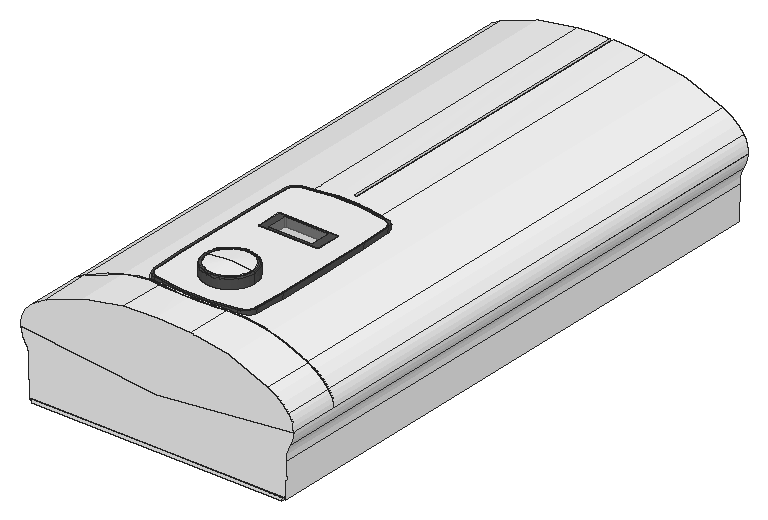
Revit family "DHB-E LCD (mm)", category Electrical Equipment, Revit 2018
Family settings
  Round Connector Dimension = Use Diameter
  Part Type = Other Panel
  OmniClass Number = 23.31.29.11.11
  OmniClass Title = Electric Instantaneous Hot Water Heaters
  Work Plane-Based = Yes
  Always vertical = No
  Cut with Voids When Loaded = No
  Shared = No
  Room Calculation Point = No
Parameters (values of type "Type - (DHB-E LCD 236746) Power - (27 kW)")
  nominal capacity = "0.4l"  # constant formula
  Youtube clip = ""
  Width = 225 mm
  Weight Net (Kg) = ""
  Weight = "2.90 kg"
  Water connection = "G 1/2"  # constant formula
  Uniformat II Description = ""
  Uniformat II Code = ""
  Uniclass 2015 Name = ""
  Uniclass 2015 Code = ""
  Uniclass 2.0 Description = ""
  Uniclass 2.0 Code = ""
  Uniclass 1.4 Description = ""
  Uniclass 1.4 Code = ""
  URL = "https://www.stiebel-eltron.de/de/home.html"
  UNSPSC Code = ""
  Type of scheme = "electronic"  # constant formula
  Temperature selection = "Off, 20–60 °C"
  Technical description = ""
  Switch-on quantity = "2,5"
  Region South America = ""
  Region Oceania = ""
  Region North America = ""
  Region Middle East = ""
  Region Europe = ""
  Region Asia = ""
  Region Antarctica = ""
  Region Africa = ""
  Rated output = "27 kW"
  Rated current = "39 A"
  QR code = "https://bimobject.com/stiebel-eltron-gmbh/product/dhb-e_lcd"
  Product url = ""
  Product name = "DHB-E LCD"
  Product group = ""
  Product family = ""
  Product data url = "https://bimobject.com/stiebel-eltron-gmbh/product/dhb-e_lcd"
  Product certification = ""
  Product SKU = "dhb-e_lcd"
  Product Guid = "c928bee9-0f29-4ce3-82ac-4540df086e6a"  # constant formula
  Pipe outside diameter of warm drinking water = 21.5 mm  # constant formula
  Pipe outside diameter cold drinking water = 21.5 mm  # constant formula
  Pipe Diameter [instance] = 12.7 mm
  OmniClass Description = ""
  OmniClass Code = ""
  Number of Poles [instance] = 3
  Nominal overpressure = "1 MPa (10)"  # constant formula
  Nominal Volatge [instance] = 400 V
  NBS Reference Description = ""
  NBS Reference Code = ""
  built-in parameter 1140081 [instance] = "Wall"
  Model = "DHB-E 27 LCD"
  Material secondary = ""
  Material main = ""
  Material Transparent Plastic = Stiebel Eltron - Plastic - Transparent Grey
  Material Cover = Stiebel Eltron - Plastic - White
  Material Black Plastic = Stiebel Eltron - Plastic - Black
  Masterformat 2014 Description = ""
  Masterformat 2014 Code = ""
  Manufacturer name = "Stiebel Eltron GmbH"
  Manufacturer country = ""
  Manufacturer = "Stiebel Eltron Gesellschaft m.b.H."  # constant formula
  Installation instructions = ""
  IP rating = "IP 25"
  IFC Classification = ""
  Height = 466 mm
  Heating system = "Bare wire"
  Fuse protection = "40 A"
  Frequency = "50/- Hz"
  Energy efficiency class = "A"
  Electrical connection = "3/P"
  Edition number = 1
  EAN code = ""
  Design country = ""
  Depth = 116 mm
  Default Elevation = 1219.2 mm
  Date of publishing = ""
  Construction = "pressure"  # constant formula
  Color = "White"
  COBIe Type Category = ""
  Brand url = ""
  BIMobject category = ""
  Apperant Load Phase 3 [instance] = 0 VA
  Apperant Load Phase 2 [instance] = 0 VA
  Apperant Load Phase 1 [instance] = 0 VA
Types (5, lengths in mm): name | Weight | Rated output | Rated current | Model | Fuse protection | Frequency
  (no name) | "2.90 kg" | "27 kW" | "39 A" | "DHB-E 27 LCD" | "40 A" | "50/- Hz"
  Type - (DHB-E LCD 236745) Power - (18/21/24 kW) | "2,90 kg" | "18/21/24 kW" | "29/31/35 A" | "DHB-E 18/21/24 LCD" | "32/32/35 A " | "50/60 Hz"
  Type - (DHB-E LCD 236746) Power - (27 kW) | "2.90 kg" | "27 kW" | "39 A" | "DHB-E 27 LCD" | "40 A" | "50/- Hz"
  Type - (DHB-E LCD 236743) Power -  (11/13.5 kW) | "2.80 kg" | "11/13.5 kW" | "17.5/19.5 A" | "DHB-E 11/13 LCD" | "20 A" | "50/60 Hz"
  Type - (DHB-E LCD 236744) Power -  (18 kW) | "2.90 kg" | "18 kW" | "26 A" | "DHB-E 18 LCD 25A" | "25 A" | "50/60 Hz"
Reference planes
  plane 1 "Center (Front/Back)": y = 0
  plane 2: z = 0
  plane 3 "Center (Left/Right)": x = 0
  plane 4: y = 233
  plane 5: y = -233
  plane 6: x = -112.5
  plane 7: x = 112.5
  plane 8: z = 116
Forms (mm)
  Extrusion 1, solid, material "Stiebel Eltron - Plastic - White" <- "Material Cover", detail levels medium+fine
    sketch origin (-0.037, 503, -5.789) x (1, 0, 0) y (0, 0, 1)
      loop
        arc (-27.884, 102.872) -> (-60.292, 97.118) -> (-91.156, 85.684) r 183.835
        arc (-91.156, 85.684) -> (-100.407, 79.769) -> (-107.918, 71.76) r 44.265
        arc (-107.918, 71.76) -> (-110.953, 65.768) -> (-111.949, 59.126) r 21.07
        arc (-111.949, 59.126) -> (0.037, 47.453) -> (112.023, 59.126) r 543.009
        arc (112.023, 59.126) -> (111.028, 65.768) -> (107.993, 71.76) r 21.07
        arc (107.993, 71.76) -> (100.481, 79.769) -> (91.23, 85.684) r 44.265
        arc (91.23, 85.684) -> (60.416, 97.105) -> (28.06, 102.857) r 183.835
        spline (28.06, 102.857) -> (23.447, 103.223) -> (18.807, 103.523) -> (14.146, 103.757) -> (9.47, 103.924) -> (4.782, 104.026) -> (0.09, 104.06) -> (-4.603, 104.028) -> (-9.291, 103.93) -> (-13.968, 103.764) -> (-18.629, 103.533) -> (-23.27, 103.235) -> (-27.884, 102.872)
    from 270 to 736
  Extrusion 2, void
    sketch origin (0, 0, 0) x (1, 0, 0) y (0, 1, 0)
      loop
        line (1.44, -28.316) -> (1.44, 234.096) -> (-1.44, 234.096) -> (-1.44, -28.316)
        arc (-1.44, -28.316) -> (0, -29.756) -> (1.44, -28.316) r 1.44
    from 96.851 to 99.887
  Extrusion 3, void
    sketch origin (0, 0, 0) x (1, 0, 0) y (0, 1, 0)
      loop
        line (-112.805, -191.977) -> (-112.805, -192.777) -> (-54.668, -192.777)
        arc (-54.668, -192.777) -> (-47.241, -193.036) -> (-39.85, -193.811) r 106.717
        arc (-39.85, -193.811) -> (-31.875, -195.598) -> (-23.883, -197.31) r 868.709
        arc (-23.883, -197.31) -> (0, -199.551) -> (23.883, -197.31) r 128.409
        arc (23.883, -197.31) -> (31.875, -195.598) -> (39.85, -193.811) r 868.709
        arc (39.85, -193.811) -> (47.241, -193.036) -> (54.668, -192.777) r 106.717
        line (54.668, -192.777) -> (112.805, -192.777) -> (112.805, -191.977) -> (54.668, -191.977)
        arc (54.668, -191.977) -> (47.168, -192.239) -> (39.705, -193.024) r 107.517
        arc (39.705, -193.024) -> (31.724, -194.812) -> (23.727, -196.526) r 867.909
        arc (23.727, -196.526) -> (0, -198.751) -> (-23.727, -196.526) r 127.609
        arc (-23.727, -196.526) -> (-31.724, -194.812) -> (-39.705, -193.024) r 867.909
        arc (-39.705, -193.024) -> (-47.168, -192.239) -> (-54.668, -191.977) r 107.517
        line (-54.668, -191.977) -> (-112.805, -191.977)
    from 53.337 to 102.249
  Extrusion 4, void
    sketch origin (0, 0, 0) x (1, 0, 0) y (0, 1, 0)
      loop
        arc (-35.112, -39.418) -> (-40.746, -42.947) -> (-43.244, -49.108) r 10.795
        arc (-43.244, -49.108) -> (-43.591, -61.962) -> (-44.141, -74.809) r 817.916
        arc (-44.141, -74.809) -> (-44.701, -116.187) -> (-44.141, -157.565) r 1528.146
        arc (-44.141, -157.565) -> (-43.591, -170.412) -> (-43.244, -183.266) r 817.916
        arc (-43.244, -183.266) -> (-40.746, -189.427) -> (-35.112, -192.956) r 10.795
        arc (-35.112, -192.956) -> (-0.561, -197.294) -> (34.017, -193.172) r 143.339
        arc (34.017, -193.172) -> (40.376, -189.845) -> (43.244, -183.266) r 10.795
        arc (43.244, -183.266) -> (43.591, -170.412) -> (44.141, -157.565) r 817.916
        arc (44.141, -157.565) -> (44.701, -116.187) -> (44.141, -74.809) r 1528.146
        arc (44.141, -74.809) -> (43.591, -61.962) -> (43.244, -49.108) r 817.916
        arc (43.244, -49.108) -> (40.376, -42.529) -> (34.017, -39.201) r 10.795
        arc (34.017, -39.201) -> (-0.561, -35.08) -> (-35.112, -39.418) r 143.339
    from 91.297 to 100.694
  Revolve 5, solid, material "Stiebel Eltron - Plastic - White" <- "Material Cover", detail levels medium+fine
    sketch origin (0, -158.469, -1.562) x (1, 0, 0) y (0, 0, 1)
      loop
        arc (0, 109.687) -> (-9.066, 109.281) -> (-18.06, 108.067) r 101.523
        line (-18.06, 108.067) -> (-18.06, 98.712) -> (0, 98.712) -> (0, 109.687)
      axis (0, 109.687) -> (0, 98.712)
    angle from 0 to 360
  Revolve 6, solid, material "Stiebel Eltron - Plastic - Black" <- "Material Black Plastic", detail levels medium+fine
    sketch origin (0, -158.469, -1.562) x (1, 0, 0) y (0, 0, 1)
      loop
        line (-18.06, 98.712) -> (-18.06, 108.067) -> (-19.693, 107.72)
        arc (-19.693, 107.72) -> (-20.138, 107.444) -> (-20.321, 106.953) r 0.808
        line (-20.321, 106.953) -> (-20.533, 98.712) -> (-18.06, 98.712)
      axis (0, 108.067) -> (0, 98.712)
    angle from 0 to 360
  Extrusion 7, solid, material "Stiebel Eltron - Plastic - Transparent Grey" <- "Material Transparent Plastic", detail levels medium+fine
    sketch origin (0, 0, 0) x (1, 0, 0) y (0, 1, 0)
      loop
        line (16.374, -78.623) -> (-17.629, -78.623)
        arc (-17.629, -78.623) -> (-18.294, -78.898) -> (-18.57, -79.564) r 0.941
        line (-18.57, -79.564) -> (-18.57, -94.823)
        arc (-18.57, -94.823) -> (-18.294, -95.489) -> (-17.629, -95.765) r 0.941
        line (-17.629, -95.765) -> (16.374, -95.765)
        arc (16.374, -95.765) -> (17.039, -95.489) -> (17.315, -94.823) r 0.941
        line (17.315, -94.823) -> (17.315, -79.564)
        arc (17.315, -79.564) -> (17.039, -78.898) -> (16.374, -78.623) r 0.941
    from 89.064 to 98.244
  Extrusion 8, solid, material "Stiebel Eltron - Plastic - White" <- "Material Cover"
    sketch origin (0, 0, 0) x (1, 0, 0) y (0, 0, 1)
      loop
        line (-102.395, 0) -> (0.126, 0) -> (102.395, 0) -> (103.539, 2.569) -> (0, 2.569) -> (-103.539, 2.569) -> (-102.395, 0)
    from -233 to 233
  Extrusion 9, solid, material "Stiebel Eltron - Plastic - Black" <- "Material Black Plastic", detail levels medium+fine
    sketch origin (0, 0, 0) x (1, 0, 0) y (0, 1, 0)
      loop
        arc (-23.973, -76.573) -> (-24.673, -76.863) -> (-24.963, -77.564) r 0.991
        line (-24.963, -77.564) -> (-24.963, -96.873)
        arc (-24.963, -96.873) -> (-24.673, -97.574) -> (-23.973, -97.864) r 0.991
        line (-23.973, -97.864) -> (22.77, -97.864)
        arc (22.77, -97.864) -> (23.471, -97.574) -> (23.761, -96.873) r 0.991
        line (23.761, -96.873) -> (23.761, -77.564)
        arc (23.761, -77.564) -> (23.471, -76.863) -> (22.77, -76.573) r 0.991
        line (22.77, -76.573) -> (-23.973, -76.573)
      loop
        arc (16.374, -95.765) -> (17.039, -95.489) -> (17.315, -94.823) r 0.941
        line (17.315, -94.823) -> (17.315, -79.564)
        arc (17.315, -79.564) -> (17.039, -78.898) -> (16.374, -78.623) r 0.941
        line (16.374, -78.623) -> (-17.629, -78.623)
        arc (-17.629, -78.623) -> (-18.294, -78.898) -> (-18.57, -79.564) r 0.941
        line (-18.57, -79.564) -> (-18.57, -94.823)
        arc (-18.57, -94.823) -> (-18.294, -95.489) -> (-17.629, -95.765) r 0.941
        line (-17.629, -95.765) -> (16.374, -95.765)
    from 89.064 to 98.244
  Extrusion 10, solid, material "Stiebel Eltron - Plastic - White" <- "Material Cover", detail levels medium+fine
    sketch origin (-0.072, 0, 0) x (1, 0, 0) y (0, 1, 0)
      loop
        arc (-34.502, -41.842) -> (-38.811, -44.53) -> (-40.745, -49.227) r 8.295
        arc (-40.745, -49.227) -> (-41.093, -62.07) -> (-41.643, -74.906) r 820.416
        arc (-41.643, -74.906) -> (-42.201, -116.187) -> (-41.643, -157.468) r 1525.646
        arc (-41.643, -157.468) -> (-41.093, -170.304) -> (-40.745, -183.147) r 820.416
        arc (-40.745, -183.147) -> (-38.811, -187.843) -> (-34.502, -190.532) r 8.295
        arc (-34.502, -190.532) -> (-0.488, -194.794) -> (33.547, -190.714) r 140.839
        arc (33.547, -190.714) -> (38.486, -188.205) -> (40.745, -183.147) r 8.295
        arc (40.745, -183.147) -> (41.093, -170.304) -> (41.643, -157.468) r 820.416
        arc (41.643, -157.468) -> (42.201, -116.187) -> (41.643, -74.906) r 1525.646
        arc (41.643, -74.906) -> (41.093, -62.07) -> (40.745, -49.227) r 820.416
        arc (40.745, -49.227) -> (38.486, -44.169) -> (33.547, -41.66) r 8.295
        arc (33.547, -41.66) -> (-0.488, -37.579) -> (-34.502, -41.842) r 140.839
      loop
        line (22.843, -76.573) -> (-23.9, -76.573)
        arc (-23.9, -76.573) -> (-24.601, -76.863) -> (-24.891, -77.564) r 0.991
        line (-24.891, -77.564) -> (-24.891, -96.873)
        arc (-24.891, -96.873) -> (-24.601, -97.573) -> (-23.9, -97.864) r 0.991
        line (-23.9, -97.864) -> (22.843, -97.864)
        arc (22.843, -97.864) -> (23.543, -97.573) -> (23.833, -96.873) r 0.991
        line (23.833, -96.873) -> (23.833, -77.564)
        arc (23.833, -77.564) -> (23.543, -76.863) -> (22.843, -76.573) r 0.991
    from 75.141 to 98.244
  Extrusion 11, solid, material "Stiebel Eltron - Plastic - Black" <- "Material Black Plastic", detail levels medium+fine
    sketch origin (0, 0, 0) x (1, 0, 0) y (0, 1, 0)
      loop
        arc (33.475, -41.661) -> (-0.561, -37.58) -> (-34.574, -41.842) r 140.839
        arc (-34.574, -41.842) -> (-38.883, -44.531) -> (-40.818, -49.227) r 8.295
        arc (-40.818, -49.227) -> (-41.166, -62.07) -> (-41.715, -74.906) r 820.416
        arc (-41.715, -74.906) -> (-42.274, -116.187) -> (-41.715, -157.468) r 1525.646
        arc (-41.715, -157.468) -> (-41.166, -170.304) -> (-40.818, -183.148) r 820.416
        arc (-40.818, -183.148) -> (-38.883, -187.844) -> (-34.574, -190.532) r 8.295
        arc (-34.574, -190.532) -> (-0.561, -194.795) -> (33.475, -190.714) r 140.839
        arc (33.475, -190.714) -> (38.414, -188.205) -> (40.673, -183.148) r 8.295
        arc (40.673, -183.148) -> (41.021, -170.304) -> (41.57, -157.468) r 820.416
        arc (41.57, -157.468) -> (42.129, -116.187) -> (41.57, -74.906) r 1525.646
        arc (41.57, -74.906) -> (41.021, -62.07) -> (40.673, -49.227) r 820.416
        arc (40.673, -49.227) -> (38.414, -44.169) -> (33.475, -41.661) r 8.295
      loop
        arc (-42.317, -49.154) -> (-42.664, -62.005) -> (-43.214, -74.848) r 818.916
        arc (-43.214, -74.848) -> (-43.774, -116.187) -> (-43.214, -157.526) r 1527.146
        arc (-43.214, -157.526) -> (-42.664, -170.369) -> (-42.317, -183.22) r 818.916
        arc (-42.317, -183.22) -> (-40.044, -188.794) -> (-34.941, -191.987) r 9.795
        arc (-34.941, -191.987) -> (-0.605, -196.294) -> (33.755, -192.19) r 142.339
        arc (33.755, -192.19) -> (39.547, -189.191) -> (42.172, -183.22) r 9.795
        arc (42.172, -183.22) -> (42.52, -170.369) -> (43.069, -157.526) r 818.916
        arc (43.069, -157.526) -> (43.629, -116.187) -> (43.069, -74.848) r 1527.146
        arc (43.069, -74.848) -> (42.52, -62.005) -> (42.172, -49.154) r 818.916
        arc (42.172, -49.154) -> (39.547, -43.184) -> (33.755, -40.185) r 9.795
        arc (33.755, -40.185) -> (-0.605, -36.08) -> (-34.941, -40.388) r 142.339
        arc (-34.941, -40.388) -> (-40.044, -43.58) -> (-42.317, -49.154) r 9.795
    from 75.141 to 98.244
  Extrusion 12, solid, material "Stiebel Eltron - Plastic - White" <- "Material Cover", detail levels coarse
    sketch origin (-0.037, 503, -5.789) x (1, 0, 0) y (0, 0, 1)
      loop
        arc (-27.884, 102.872) -> (-60.292, 97.118) -> (-91.156, 85.684) r 183.835
        arc (-91.156, 85.684) -> (-100.407, 79.769) -> (-107.918, 71.76) r 44.265
        arc (-107.918, 71.76) -> (-110.953, 65.768) -> (-111.949, 59.126) r 21.07
        arc (-111.949, 59.126) -> (0.037, 47.453) -> (112.023, 59.126) r 543.009
        arc (112.023, 59.126) -> (111.028, 65.768) -> (107.993, 71.76) r 21.07
        arc (107.993, 71.76) -> (100.481, 79.769) -> (91.23, 85.684) r 44.265
        arc (91.23, 85.684) -> (60.416, 97.105) -> (28.06, 102.857) r 183.835
        spline (28.06, 102.857) -> (23.447, 103.223) -> (18.807, 103.523) -> (14.146, 103.757) -> (9.47, 103.924) -> (4.782, 104.026) -> (0.09, 104.06) -> (-4.603, 104.028) -> (-9.291, 103.93) -> (-13.968, 103.764) -> (-18.629, 103.533) -> (-23.27, 103.235) -> (-27.884, 102.872)
    from 270 to 736
  Extrusion 13, solid, not visible
    sketch origin (0, -57.5, 0) x (1, 0, 0) y (0, 0, 1)
      loop
        circle (-65.913, 34.823) r 6.35
      loop
        circle (65.913, 34.823) r 6.35
    from 133.844 to 158.982
  Extrusion 14, solid, material "Stiebel Eltron - Plastic - White" <- "Material Cover", detail levels medium+fine
    sketch origin (0, 0, 0) x (1, 0, 0) y (0, 0, 1)
      loop
        line (104.963, 1.269) -> (105.461, 29.788)
        arc (105.461, 29.788) -> (106.343, 36.444) -> (108.928, 42.64) r 25.555
        arc (108.928, 42.64) -> (111.176, 47.783) -> (111.986, 53.337) r 21.07
        arc (111.986, 53.337) -> (0, 41.664) -> (-111.986, 53.337) r 543.009
        arc (-111.986, 53.337) -> (-111.176, 47.783) -> (-108.928, 42.64) r 21.07
        arc (-108.928, 42.64) -> (-106.343, 36.444) -> (-105.461, 29.788) r 25.555
        line (-105.461, 29.788) -> (-104.963, 1.269) -> (104.963, 1.269)
    from -232 to 232
  Extrusion 15, solid, material "Stiebel Eltron - Plastic - White" <- "Material Cover", detail levels coarse
    sketch origin (0, 0, 0) x (1, 0, 0) y (0, 0, 1)
      loop
        line (104.963, 1.269) -> (105.461, 29.788)
        arc (105.461, 29.788) -> (106.343, 36.444) -> (108.928, 42.64) r 25.555
        arc (108.928, 42.64) -> (111.176, 47.783) -> (111.986, 53.337) r 21.07
        arc (111.986, 53.337) -> (0, 41.664) -> (-111.986, 53.337) r 543.009
        arc (-111.986, 53.337) -> (-111.176, 47.783) -> (-108.928, 42.64) r 21.07
        arc (-108.928, 42.64) -> (-106.343, 36.444) -> (-105.461, 29.788) r 25.555
        line (-105.461, 29.788) -> (-104.963, 1.269) -> (104.963, 1.269)
    from -232 to 232
Cuts and joins
  Extrusion 2, Extrusion 3, Extrusion 4 cuts Extrusion 1
  joined: Extrusion 1, Extrusion 14
  joined: Extrusion 12, Extrusion 15
Lines and regions (mm)
  Masking region 1
    outline origin (0, 0, 0) x (1, 0, 0) y (0, 0, 1)
      loop
        arc (-107.955, 65.971) -> (-111.969, 54.453) -> (-108.928, 42.64) r 21.07
        arc (-108.928, 42.64) -> (-106.343, 36.444) -> (-105.461, 29.788) r 25.555
        line (-105.461, 29.788) -> (-104.963, 1.269) -> (-102.96, 1.269) -> (-102.395, 0) -> (-0.126, 0) -> (102.395, 0) -> (102.96, 1.269) -> (104.963, 1.269) -> (105.461, 29.788)
        arc (105.461, 29.788) -> (106.343, 36.444) -> (108.928, 42.64) r 25.555
        arc (108.928, 42.64) -> (111.969, 54.453) -> (107.955, 65.971) r 21.07
        arc (107.955, 65.971) -> (100.444, 73.98) -> (91.193, 79.894) r 44.265
        arc (91.193, 79.894) -> (60.378, 91.315) -> (28.023, 97.068) r 183.835
        spline (28.023, 97.068) -> (23.41, 97.433) -> (18.77, 97.733) -> (14.109, 97.967) -> (9.433, 98.135) -> (4.745, 98.236) -> (0.053, 98.271) -> (-4.64, 98.239) -> (-9.328, 98.14) -> (-14.005, 97.975) -> (-18.666, 97.744) -> (-23.307, 97.446) -> (-27.921, 97.083)
        arc (-27.921, 97.083) -> (-60.329, 91.329) -> (-91.193, 79.894) r 183.835
        arc (-91.193, 79.894) -> (-100.444, 73.98) -> (-107.955, 65.971) r 44.265
  Masking region 2, detail levels medium+fine
    outline origin (0, 0, 0) x (1, 0, 0) y (0, 0, 1)
      loop
        arc (-20.524, 97.393) -> (0, 98.271) -> (20.524, 97.393) r 240.34
        line (20.524, 97.393) -> (20.308, 105.357)
        arc (20.308, 105.357) -> (20.149, 105.871) -> (19.693, 106.158) r 0.776
        arc (19.693, 106.158) -> (0, 108.205) -> (-19.693, 106.158) r 95.759
        arc (-19.693, 106.158) -> (-20.131, 105.857) -> (-20.308, 105.357) r 0.859
        line (-20.308, 105.357) -> (-20.524, 97.393)
  Masking region 3
    outline origin (0, 0, 0) x (1, 0, 0) y (0, 1, 0)
      loop
        line (112.5, 233) -> (-112.5, 233) -> (-112.5, -233) -> (112.5, -233) -> (112.5, 233)
  symbolic lines, detail levels medium+fine
    curve 1: line (-111.987, -192.777, 0) -> (-54.668, -192.777, 0)
    curve 2: arc (-54.668, -192.777, 0) -> (-47.241, -193.036, 0) -> (-39.85, -193.811, 0) r 106.717
    curve 3: line (-54.668, -191.977, 0) -> (-111.987, -191.977, 0)
    curve 4: arc (-39.705, -193.024, 0) -> (-47.168, -192.239, 0) -> (-54.668, -191.977, 0) r 107.517
    curve 5: arc (-39.85, -193.811, 0) -> (-31.875, -195.598, 0) -> (-23.883, -197.31, 0) r 868.709
    curve 6: arc (-23.727, -196.526, 0) -> (-31.724, -194.812, 0) -> (-39.705, -193.024, 0) r 867.909
    curve 7: arc (23.727, -196.526, 0) -> (0, -198.751, 0) -> (-23.727, -196.526, 0) r 127.609
    curve 8: arc (-23.883, -197.31, 0) -> (0, -199.551, 0) -> (23.883, -197.31, 0) r 128.409
    curve 9: arc (23.883, -197.31, 0) -> (31.875, -195.598, 0) -> (39.85, -193.811, 0) r 868.709
    curve 10: arc (39.705, -193.024, 0) -> (31.724, -194.812, 0) -> (23.727, -196.526, 0) r 867.909
    curve 11: arc (39.85, -193.811, 0) -> (47.241, -193.036, 0) -> (54.668, -192.777, 0) r 106.717
    curve 12: arc (54.668, -191.977, 0) -> (47.168, -192.239, 0) -> (39.705, -193.024, 0) r 107.517
    curve 13: line (111.987, -191.977, 0) -> (54.668, -191.977, 0)
    curve 14: line (54.668, -192.777, 0) -> (111.987, -192.777, 0)
    curve 15: arc (34.017, -39.201, 0) -> (-0.561, -35.08, 0) -> (-35.112, -39.418, 0) r 143.339
    curve 16: arc (-35.112, -39.418, 0) -> (-40.746, -42.947, 0) -> (-43.244, -49.108, 0) r 10.795
    curve 17: arc (-43.244, -49.108, 0) -> (-43.591, -61.962, 0) -> (-44.141, -74.809, 0) r 817.916
    curve 18: arc (-44.141, -74.809, 0) -> (-44.701, -116.187, 0) -> (-44.141, -157.565, 0) r 1528.146
    curve 19: arc (-44.141, -157.565, 0) -> (-43.591, -170.412, 0) -> (-43.244, -183.266, 0) r 817.916
    curve 20: arc (-43.244, -183.266, 0) -> (-40.746, -189.427, 0) -> (-35.112, -192.956, 0) r 10.795
    curve 21: arc (-35.112, -192.956, 0) -> (-0.561, -197.294, 0) -> (34.017, -193.172, 0) r 143.339
    curve 22: arc (34.017, -193.172, 0) -> (40.376, -189.845, 0) -> (43.244, -183.266, 0) r 10.795
    curve 23: arc (43.244, -183.266, 0) -> (43.591, -170.412, 0) -> (44.141, -157.565, 0) r 817.916
    curve 24: arc (44.141, -157.565, 0) -> (44.701, -116.187, 0) -> (44.141, -74.809, 0) r 1528.146
    curve 25: arc (44.141, -74.809, 0) -> (43.591, -61.962, 0) -> (43.244, -49.108, 0) r 817.916
    curve 26: arc (43.244, -49.108, 0) -> (40.376, -42.529, 0) -> (34.017, -39.201, 0) r 10.795
    curve 27: arc (42.172, -49.154, 0) -> (39.547, -43.184, 0) -> (33.755, -40.185, 0) r 9.795
    curve 28: arc (33.755, -40.185, 0) -> (-0.605, -36.08, 0) -> (-34.941, -40.388, 0) r 142.339
    curve 29: arc (-34.941, -40.388, 0) -> (-40.044, -43.58, 0) -> (-42.317, -49.154, 0) r 9.795
    curve 30: arc (-42.317, -49.154, 0) -> (-42.664, -62.005, 0) -> (-43.214, -74.848, 0) r 818.916
    curve 31: arc (-43.214, -74.848, 0) -> (-43.774, -116.187, 0) -> (-43.214, -157.526, 0) r 1527.146
    curve 32: arc (-43.214, -157.526, 0) -> (-42.664, -170.369, 0) -> (-42.317, -183.22, 0) r 818.916
    curve 33: arc (-42.317, -183.22, 0) -> (-40.044, -188.794, 0) -> (-34.941, -191.987, 0) r 9.795
    curve 34: arc (-34.941, -191.987, 0) -> (-0.605, -196.294, 0) -> (33.755, -192.19, 0) r 142.339
    curve 35: arc (33.755, -192.19, 0) -> (39.547, -189.191, 0) -> (42.172, -183.22, 0) r 9.795
    curve 36: arc (42.172, -183.22, 0) -> (42.52, -170.369, 0) -> (43.069, -157.526, 0) r 818.916
    curve 37: arc (43.069, -157.526, 0) -> (43.629, -116.187, 0) -> (43.069, -74.848, 0) r 1527.146
    curve 38: arc (43.069, -74.848, 0) -> (42.52, -62.005, 0) -> (42.172, -49.154, 0) r 818.916
    curve 39: arc (33.475, -41.661, 0) -> (38.414, -44.169, 0) -> (40.673, -49.227, 0) r 8.295
    curve 40: arc (-34.574, -41.842, 0) -> (-0.561, -37.58, 0) -> (33.475, -41.661, 0) r 140.839
    curve 41: arc (40.673, -49.227, 0) -> (41.021, -62.07, 0) -> (41.57, -74.906, 0) r 820.416
    curve 42: arc (-40.818, -49.227, 0) -> (-38.883, -44.531, 0) -> (-34.574, -41.842, 0) r 8.295
    curve 43: arc (-41.715, -74.906, 0) -> (-41.166, -62.07, 0) -> (-40.818, -49.227, 0) r 820.416
    curve 44: arc (-41.715, -157.468, 0) -> (-42.274, -116.187, 0) -> (-41.715, -74.906, 0) r 1525.646
    curve 45: arc (-40.818, -183.148, 0) -> (-41.166, -170.304, 0) -> (-41.715, -157.468, 0) r 820.416
    curve 46: arc (-34.574, -190.532, 0) -> (-38.883, -187.844, 0) -> (-40.818, -183.148, 0) r 8.295
    curve 47: arc (33.475, -190.714, 0) -> (-0.561, -194.795, 0) -> (-34.574, -190.532, 0) r 140.839
    curve 48: arc (40.673, -183.148, 0) -> (38.414, -188.205, 0) -> (33.475, -190.714, 0) r 8.295
    curve 49: arc (41.57, -157.468, 0) -> (41.021, -170.304, 0) -> (40.673, -183.148, 0) r 820.416
    curve 50: arc (41.57, -74.906, 0) -> (42.129, -116.187, 0) -> (41.57, -157.468, 0) r 1525.646
    curve 51: arc (-20.533, -158.469, 0) -> (0, -137.936, 0) -> (20.533, -158.469, 0) r 20.533
    curve 52: arc (19.693, -158.469, 0) -> (0, -138.776, 0) -> (-19.693, -158.469, 0) r 19.693
    curve 53: arc (-18.06, -158.469, 0) -> (0, -140.409, 0) -> (18.06, -158.469, 0) r 18.06
    curve 54: arc (18.06, -158.469, 0) -> (0, -176.528, 0) -> (-18.06, -158.469, 0) r 18.06
    curve 55: arc (-19.693, -158.469, 0) -> (0, -178.162, 0) -> (19.693, -158.469, 0) r 19.693
    curve 56: arc (20.533, -158.469, 0) -> (0, -179.002, 0) -> (-20.533, -158.469, 0) r 20.533
    curve 57: line (-24.963, -96.873, 0) -> (-24.963, -77.564, 0)
    curve 58: line (-23.973, -76.573, 0) -> (22.77, -76.573, 0)
    curve 59: arc (-24.963, -77.564, 0) -> (-24.673, -76.863, 0) -> (-23.973, -76.573, 0) r 0.991
    curve 60: arc (-23.973, -97.864, 0) -> (-24.673, -97.574, 0) -> (-24.963, -96.873, 0) r 0.991
    curve 61: line (22.77, -97.864, 0) -> (-23.973, -97.864, 0)
    curve 62: arc (23.761, -96.873, 0) -> (23.471, -97.574, 0) -> (22.77, -97.864, 0) r 0.991
    curve 63: line (23.761, -77.564, 0) -> (23.761, -96.873, 0)
    curve 64: arc (22.77, -76.573, 0) -> (23.471, -76.863, 0) -> (23.761, -77.564, 0) r 0.991
    curve 65: line (-17.629, -78.623, 0) -> (16.374, -78.623, 0)
    curve 66: arc (16.374, -78.623, 0) -> (17.039, -78.898, 0) -> (17.315, -79.564, 0) r 0.941
    curve 67: line (17.315, -79.564, 0) -> (17.315, -94.823, 0)
    curve 68: arc (17.315, -94.823, 0) -> (17.039, -95.489, 0) -> (16.374, -95.765, 0) r 0.941
    curve 69: line (16.374, -95.765, 0) -> (-17.629, -95.765, 0)
    curve 70: arc (-17.629, -95.765, 0) -> (-18.294, -95.489, 0) -> (-18.57, -94.823, 0) r 0.941
    curve 71: line (-18.57, -94.823, 0) -> (-18.57, -79.564, 0)
Dimensions and locks
  plane 4 to plane 1 "Center (Front/Back)" to plane 5 = 233 mm locked, 233 mm locked
  plane 5 to plane 4 = 466 mm
  locked: plane 6 to plane 3 "Center (Left/Right)" at 112.5
  locked: plane 3 "Center (Left/Right)" to plane 7 at 112.5
  plane 6 to plane 7 = 225 mm
  aligned and locked: level to plane 2
Connectors
  electrical at (0, 0, 1.269), driven by "Nominal Volatge", driven by "Number of Poles", driven by "Apperant Load Phase 1", driven by "Apperant Load Phase 2", driven by "Apperant Load Phase 3"
    settings: on cut or joined group of Extrusion 1, Extrusion 2, Extrusion 3, Extrusion 4, Extrusion 14, index 1, voltage 400 V, apparent load 0 VA, apparent load phase1 0 VA, apparent load phase2 0 VA, apparent load phase3 0 VA, power factor 1, load classification "Other", number of poles 3, system type 31, power factor state 1, is connector primary yes, connector utility no, sub classification motor no, connector description "Power"
  piping at (65.913, -216.482, 34.823), diameter 12.7, driven by "Pipe Diameter"
    settings: on Extrusion 13, index 2, connector inside diameter 609.6 mm, connector length 0 mm, flow factor 0, pipe flow 0.0 L/s, pressure drop 0.0 Pa, fitting loss kfactor 0, connector angle 0.00°, fixture units 0, engagement length 0 mm, angle of deflection 0.00°, flow configuration 0, flow direction 1, fitting loss method 0, system type 20, joint type 0, gender type 0, connector reference index -1, connector utility 0, adjustable connector no, is connector primary yes, connector description "Inlet cold water"
  piping at (-65.913, -216.482, 34.823), diameter 12.7, driven by "Pipe Diameter"
    settings: on Extrusion 13, index 3, connector inside diameter 609.6 mm, connector length 0 mm, flow factor 0, pipe flow 0.0 L/s, pressure drop 0.0 Pa, fitting loss kfactor 0, connector angle 0.00°, fixture units 0, engagement length 0 mm, angle of deflection 0.00°, flow configuration 0, flow direction 2, fitting loss method 0, system type 19, joint type 0, gender type 0, connector reference index -1, connector utility 0, adjustable connector no, is connector primary no, connector description "Outlet hot water"
